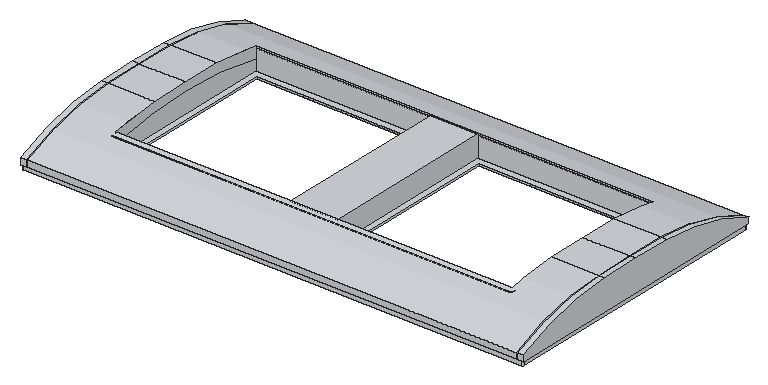
Revit family "Gira_0212808", category Electrical Fixtures, host Face, Revit 2017
Family settings
  Host = Face
  Maintain Annotation Orientation = No
  Round Connector Dimension = Use Diameter
  Part Type = Normal
  Cut with Voids When Loaded = No
  Shared = No
  Room Calculation Point = No
Parameters (values of type "Abdeckrahmen 2f Zwischenr. AN Gira Event Reinweiß")
  Werkstoffgüte = "Thermoplast"
  Werkstoff = "Kunststoff"
  URL = "http://katalog.gira.de/de_DE/datenblatt.html?artikelnr=0212808"
  Transparent = "No"
  Textfeld/Beschriftungsfläche = "No"
  Schutzart (IP) = "IP20"
  Region = "DE"
  Oberfläche = "sonstige"
  Name = "Abdeckrahmen 2f Zwischenr. AN Gira Event Reinweiß"
  Montagerichtung = "horizontal und vertikal"
  Mit Montagerahmen = "No"
  Mit Klappdeckel = "No"
  Manufacturer URL = "https://www.gira.de/"
  Keynote = "Event_Rahmen_2fach"
  HeinzeBIM = "https://bimportal.heinze.de/bim/abdeckrahmen-2f-zwischenr-an-gira-event-reinweiss/f9400be9b4332244db4957fab69507b3a1bef0f8"
  Halogenfrei = "Yes"
  HAN = "0212808"
  Geeignet für Unterputz-Installation = "Yes"
  Geeignet für Unterflurkanaldose = "No"
  Geeignet für Geräteeinbaukanal = "No"
  Geeignet für Einbauinstallation = "No"
  GTIN = "4010337070122"
  Farbe = "weiß"
  Default Elevation = 1219.2 mm
  Data sheet (1) = "https://katalog.gira.de/de_DE/download.html?artikelnr=0212808"
  Category = "Abdeckrahmen"
  Befestigungsart = "Klemmbefestigung"
  Available = "Yes"
  Anzahl der Einheiten vertikal = "2 "
  Anzahl der Einheiten horizontal = "2 "
  Anzahl der Einheiten = "2 "
Reference planes
  plane 1 "Center (Front/Back)": y = 0
  plane 2: z = 0
  plane 3 "Center (Left/Right)": x = 0
Forms (mm)
  Extrusion 1, solid, detail levels fine
    sketch origin (0, 0, 0.05) x (0, 1, 0) y (0, 0, 1)
      loop
        arc (12.445, 9.683) -> (6.223, 9.833) -> (0, 9.85) r 291.636
        arc (0, 9.85) -> (-6.223, 9.833) -> (-12.445, 9.683) r 291.636
        arc (-12.445, 9.683) -> (-29.14, 7.482) -> (-45, 1.823) r 79.728
        line (-45, 1.823) -> (-45, -0.05) -> (-42.086, -0.05)
        arc (-42.086, -0.05) -> (-21.385, 5.559) -> (0, 7.206) r 114.424
        arc (0, 7.206) -> (21.385, 5.559) -> (42.086, -0.05) r 114.424
        line (42.086, -0.05) -> (45, -0.05) -> (45, 1.823)
        arc (45, 1.823) -> (29.14, 7.482) -> (12.445, 9.683) r 79.728
    from -78.55 to 78.55
  Extrusion 2, void, detail levels fine
    sketch origin (0, 0, 0) x (1, 0, 0) y (0, 1, 0)
      loop
        line (-63.55, -27.937) -> (63.55, -27.937) -> (63.55, 28.063) -> (-63.55, 28.063) -> (-63.55, -27.937)
    from 0.724 to 11
  Extrusion 3, solid, detail levels coarse
    sketch origin (0, 0, 0) x (1, 0, 0) y (0, 1, 0)
      loop
        line (-80.55, 45) -> (-80.55, -45) -> (80.55, -45) -> (80.55, 45) -> (-80.55, 45)
    from -1.5 to 9.9
  Extrusion 4, solid, detail levels medium
    sketch origin (0, 0, 0.05) x (0, 1, 0) y (0, 0, 1)
      loop
        arc (12.445, 9.683) -> (6.223, 9.833) -> (0, 9.85) r 291.636
        arc (0, 9.85) -> (-6.223, 9.833) -> (-12.445, 9.683) r 291.636
        arc (-12.445, 9.683) -> (-29.14, 7.482) -> (-45, 1.823) r 79.728
        line (-45, 1.823) -> (-45, -0.05) -> (45, -0.05) -> (45, 1.823)
        arc (45, 1.823) -> (29.14, 7.482) -> (12.445, 9.683) r 79.728
    from -80.55 to 80.55
  Extrusion 5, solid, detail levels fine
    sketch origin (-35.55, 0, -1.5) x (0, 1, 0) y (0, 0, -1)
      loop
        line (45, -3.373) -> (45, -1.5) -> (-45, -1.5) -> (-45, -3.373)
        arc (-45, -3.373) -> (-29.14, -9.032) -> (-12.445, -11.233) r 79.728
        arc (-12.445, -11.233) -> (-6.223, -11.383) -> (0, -11.4) r 291.636
        arc (0, -11.4) -> (6.223, -11.383) -> (12.445, -11.233) r 291.636
        arc (12.445, -11.233) -> (29.14, -9.032) -> (45, -3.373) r 79.728
    from 43 to 45
  Extrusion 6, solid, detail levels fine
    sketch origin (0, 0, 0) x (1, 0, 0) y (0, 1, 0)
      loop
        line (-61.45, 25.7) -> (-61.45, -25.7) -> (-9.65, -25.7) -> (-9.65, 25.7) -> (-61.45, 25.7)
      loop
        line (61.45, -25.7) -> (61.45, 25.7) -> (9.65, 25.7) -> (9.65, -25.7) -> (61.45, -25.7)
      loop
        line (-64.445, 28.49) -> (-64.445, -28.495)
        spline (-64.445, -28.495) -> (-64.436, -28.625) -> (-64.411, -28.754) -> (-64.369, -28.878) -> (-64.311, -28.995) -> (-64.238, -29.104) -> (-64.152, -29.202) -> (-64.054, -29.288) -> (-63.945, -29.361) -> (-63.828, -29.419) -> (-63.704, -29.461) -> (-63.575, -29.486) -> (-63.445, -29.495)
        line (-63.445, -29.495) -> (63.445, -29.495)
        spline (63.445, -29.495) -> (63.575, -29.486) -> (63.704, -29.461) -> (63.828, -29.419) -> (63.945, -29.361) -> (64.054, -29.288) -> (64.152, -29.202) -> (64.238, -29.104) -> (64.311, -28.995) -> (64.369, -28.878) -> (64.411, -28.754) -> (64.436, -28.625) -> (64.445, -28.495)
        line (64.445, -28.495) -> (64.445, 28.49)
        spline (64.445, 28.49) -> (64.436, 28.62) -> (64.411, 28.748) -> (64.369, 28.872) -> (64.311, 28.99) -> (64.238, 29.098) -> (64.152, 29.197) -> (64.054, 29.283) -> (63.945, 29.356) -> (63.828, 29.413) -> (63.704, 29.456) -> (63.575, 29.481) -> (63.445, 29.49)
        line (63.445, 29.49) -> (-63.445, 29.49)
        spline (-63.445, 29.49) -> (-63.575, 29.481) -> (-63.704, 29.456) -> (-63.828, 29.413) -> (-63.945, 29.356) -> (-64.054, 29.283) -> (-64.152, 29.197) -> (-64.238, 29.098) -> (-64.311, 28.99) -> (-64.369, 28.872) -> (-64.411, 28.748) -> (-64.436, 28.62) -> (-64.445, 28.49)
    from 0.1 to 7.3
  Extrusion 7, solid
    sketch origin (0, 0, 0) x (1, 0, 0) y (0, 1, 0)
      loop
        arc (-80.25, -44.2) -> (-80.104, -44.554) -> (-79.75, -44.7) r 0.5
        line (-79.75, -44.7) -> (79.75, -44.7)
        arc (79.75, -44.7) -> (80.104, -44.554) -> (80.25, -44.2) r 0.5
        line (80.25, -44.2) -> (80.25, 44.2)
        arc (80.25, 44.2) -> (80.104, 44.554) -> (79.75, 44.7) r 0.5
        line (79.75, 44.7) -> (-79.75, 44.7)
        arc (-79.75, 44.7) -> (-80.104, 44.554) -> (-80.25, 44.2) r 0.5
        line (-80.25, 44.2) -> (-80.25, -44.2)
      loop
        line (-78.55, 43) -> (-78.55, -43) -> (78.55, -43) -> (78.55, 43) -> (-78.55, 43)
    from -1.5 to 0.5
  Extrusion 8, solid, detail levels fine
    sketch origin (35.55, 0, -1.5) x (0, 1, 0) y (0, 0, 1)
      loop
        arc (45, 3.373) -> (29.14, 9.032) -> (12.445, 11.233) r 79.728
        arc (12.445, 11.233) -> (6.223, 11.383) -> (0, 11.4) r 291.636
        arc (0, 11.4) -> (-6.223, 11.383) -> (-12.445, 11.233) r 291.636
        arc (-12.445, 11.233) -> (-29.14, 9.032) -> (-45, 3.373) r 79.728
        line (-45, 3.373) -> (-45, 1.5) -> (45, 1.5) -> (45, 3.373)
    from 43 to 45
  Extrusion 9, solid, detail levels medium
    sketch origin (0, 0, 0) x (1, 0, 0) y (0, 1, 0)
      loop
        line (-80.25, -44.7) -> (80.25, -44.7) -> (80.25, 44.7) -> (-80.25, 44.7) -> (-80.25, -44.7)
    from -1.5 to 0.5
  Extrusion 10, solid, detail levels fine
    sketch origin (0, 0, 0) x (1, 0, 0) y (0, 1, 0)
      loop
        line (-7.55, 28.063) -> (-7.55, -27.937) -> (7.55, -27.937) -> (7.55, 28.063) -> (-7.55, 28.063)
    from 0.724 to 7.566
Cuts and joins
  Extrusion 2 cuts Extrusion 1
  Extrusion 2 cuts Extrusion 6
Dimensions and locks
  aligned and locked: plane 2 to host face
  aligned and locked: level to host face
